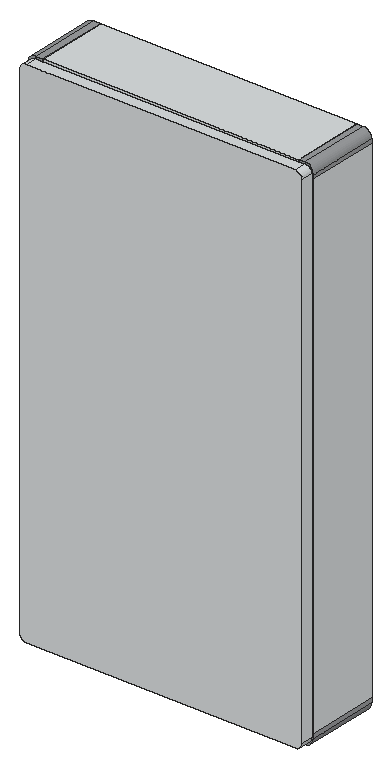
Revit family "Legrand Cabinet XL³ 160 Metal", category Equipement électrique, Revit 2020
Family settings
  Configuration du panneau = Deux colonnes, circuits au sein
  Cote de connecteur circulaire = Utiliser le diamètre
  Type d'élément = Tableau de raccordement
  Numéro OmniClass = 23.80.30.11.17
  Titre OmniClass = Distribution Boards and Control Panels
  Basée sur le plan de construction = Non
  Toujours verticalement = Oui
  Couper avec des vides une fois chargée = Non
  Partagée = Non
  Point de calcul de pièce = Non
Parameters (values of type "020006-020276")
  built-in parameter 1140140 [instance] = 1 (stored number, unit not read)
  depth installation zone = 720 mm
  Material corner = "Plastic"  # constant formula
  Material = "Steel"  # constant formula
  width installation zone = 1245 mm
  height installation zone = [height (mm)]  # 1050 mm
  installation zone [instance] = yes
  URL = "https://www.legrand.fr/"
  depth (mm) = 170 mm
  Modèle = "XL³ 160 Metal"
  width (mm) = 575 mm
  IPK (kA) = "35"
  IN max (A) = "160"
  ICW (until) (kA) = "0"
  IP without door = "30"
  IP with door = "43"
  IK without door = "07"
  IK with door = "08"
  height (mm) = 1050 mm
  Finish = "Epoxipolyester paint deposited by electrostatic powder"
  General Conditions of Use = "https://export.legrand.com/en/terms-of-use-BIM-objects"
  Fabricant = "Legrand"  # constant formula
  RAL = "7035"
  Elévation par défaut = 0 mm
  built-in parameter 1140142 [instance] = -1
  built-in parameter 1155100 [instance] = -1
Types (6, lengths in mm): name | height installation zone | height (mm)
  (no name) | 450 | 450
  020003-020273 | 600 | 600
  020002-020272 | 450 | 450
  020004-020274 | 750 | 750
  020005-020275 | 900 | 900
  020006-020276 | 1050 | 1050
Reference planes
  plane 1 "Centre (avant/arrière)": y = 0
  plane 2: z = 0
  plane 3 "Centre (gauche/droite)": x = 0
  plane 4: y = 85
  plane 5: y = -85
  plane 6: x = -287.5
  plane 7: x = 287.5
  plane 8: z = 1050
  plane 9: z = 525
  plane 10: x = -257.5
  plane 11: z = 1025
  plane 12: z = 1033.5
  plane 13: x = -271
  plane 14: z = 1045
  plane 15: z = 5
  plane 16: x = 282.5
  plane 17: x = -282.5
  plane 18: y = 84
  plane 19: y = -61
  plane 20: z = 1046
  plane 21: x = 283.5
  plane 22: z = 4
  plane 23: x = -283.5
  plane 24: x = 257.5
  plane 25: x = -262.5
Forms (mm)
  Extrusion 1, solid, material "IDS_PLASTIQUE"
    sketch origin (0, 0, 0) x (1, 0, 0) y (0, 0, 1)
      loop
        line (-287.5, 1025) -> (-257.5, 1025) -> (-257.5, 1050) -> (-271, 1050)
        arc (-271, 1050) -> (-282.667, 1045.167) -> (-287.5, 1033.5) r 16.5
        line (-287.5, 1033.5) -> (-287.5, 1025)
      loop
        line (287.5, 1025) -> (287.5, 1033.5)
        arc (287.5, 1033.5) -> (282.667, 1045.167) -> (271, 1050) r 16.5
        line (271, 1050) -> (257.5, 1050) -> (257.5, 1025) -> (287.5, 1025)
      loop
        line (-287.5, 25) -> (-287.5, 16.5)
        arc (-287.5, 16.5) -> (-282.667, 4.833) -> (-271, 0) r 16.5
        line (-271, 0) -> (-257.5, 0) -> (-257.5, 25) -> (-287.5, 25)
      loop
        line (287.5, 25) -> (257.5, 25) -> (257.5, 0) -> (271, 0)
        arc (271, 0) -> (282.667, 4.833) -> (287.5, 16.5) r 16.5
        line (287.5, 16.5) -> (287.5, 25)
    from -85 to 61
  Extrusion 2, solid, material "IDS_ACIER"
    sketch origin (0, 0, 0) x (1, 0, 0) y (0, 0, 1)
      loop
        line (-257.5, 1050) -> (-257.5, 1025) -> (257.5, 1025) -> (257.5, 1050) -> (-257.5, 1050)
      loop
        line (-257.5, 0) -> (257.5, 0) -> (257.5, 25) -> (-257.5, 25) -> (-257.5, 0)
    from -85 to 61
  Extrusion 3, solid, material "IDS_ACIER"
    sketch origin (0, 0, 0) x (1, 0, 0) y (0, 0, 1)
      loop
        line (-287.5, 1025) -> (-287.5, 25) -> (-257.5, 25) -> (-257.5, 1025) -> (-287.5, 1025)
      loop
        line (287.5, 1025) -> (257.5, 1025) -> (257.5, 25) -> (287.5, 25) -> (287.5, 1025)
    from -85 to 61
  Extrusion 4, solid, material "IDS_ACIER"
    sketch origin (0, 0, 0) x (1, 0, 0) y (0, 0, 1)
      loop
        line (-282.5, 1045) -> (-282.5, 5) -> (282.5, 5) -> (282.5, 1045) -> (-282.5, 1045)
    from -85 to -84
  Extrusion 5, solid, material "IDS_ACIER"
    sketch origin (0, 0, 0) x (1, 0, 0) y (0, 0, 1)
      loop
        line (-283.5, 1033.5) -> (-283.5, 16.5)
        arc (-283.5, 16.5) -> (-279.839, 7.661) -> (-271, 4) r 12.5
        line (-271, 4) -> (271, 4)
        arc (271, 4) -> (279.839, 7.661) -> (283.5, 16.5) r 12.5
        line (283.5, 16.5) -> (283.5, 1033.5)
        arc (283.5, 1033.5) -> (279.839, 1042.339) -> (271, 1046) r 12.5
        line (271, 1046) -> (-271, 1046)
        arc (-271, 1046) -> (-279.839, 1042.339) -> (-283.5, 1033.5) r 12.5
    from 61 to 85
Cuts and joins
  joined: Extrusion 2, Extrusion 3, Extrusion 4
Dimensions and locks
  equal spacing: plane 6, plane 3 "Centre (gauche/droite)", plane 7
  equal spacing: plane 4, plane 1 "Centre (avant/arrière)", plane 5
  "width (mm)": plane 6 to plane 7
  "depth (mm)": plane 4 to plane 5
  "height (mm)": plane 8 to plane 2
  equal spacing: plane 8, plane 9, plane 2
  locked: plane 10 to plane 6 at 30
  locked: plane 8 to plane 11 at 25
  locked: plane 13 to plane 6 at 16.5
  locked: plane 8 to plane 12 at 16.5
  locked: plane 8 to plane 14 at 5
  locked: plane 15 to plane 2 at 5
  locked: plane 17 to plane 6 at 5
  locked: plane 7 to plane 16 at 5
  locked: plane 18 to plane 4 at 1
  locked: plane 5 to plane 19 at 24
  locked: plane 7 to plane 21 at 4
  locked: plane 22 to plane 2 at 4
  equal spacing: plane 20, plane 9, plane 22
  equal spacing: plane 21, plane 3 "Centre (gauche/droite)", plane 23
  locked: plane 7 to plane 24 at 30
  locked: plane 25 to plane 6 at 25
  aligned and locked: level to plane 2
  aligned and locked: plane 11 to Extrusion 1 sketch curve
  aligned and locked: Extrusion 1 sketch curve to plane 10
  aligned and locked: plane 6 to Extrusion 1 sketch curve
  aligned and locked: plane 4 to Extrusion 1
  aligned and locked: Extrusion 2 sketch curve to plane 8
  aligned and locked: Extrusion 2 sketch curve to Extrusion 1  (x3)
  aligned and locked: plane 4 to Extrusion 2
  aligned and locked: plane 6 to Extrusion 3 sketch curve
  aligned and locked: Extrusion 3 sketch curve to Extrusion 1  (x3)
  aligned and locked: plane 4 to Extrusion 3
  aligned and locked: Extrusion 4 sketch curve to plane 14
  aligned and locked: plane 17 to Extrusion 4 sketch curve
  aligned and locked: plane 15 to Extrusion 4 sketch curve
  aligned and locked: Extrusion 4 sketch curve to plane 16
  aligned and locked: plane 4 to Extrusion 4
  aligned and locked: Extrusion 1 to plane 19
  aligned and locked: Extrusion 1 to Extrusion 3
  aligned and locked: Extrusion 2 to Extrusion 1
  aligned and locked: Extrusion 5 sketch curve to plane 20
  aligned and locked: plane 23 to Extrusion 5 sketch curve
  aligned and locked: plane 22 to Extrusion 5 sketch curve
  aligned and locked: Extrusion 5 sketch curve to plane 21
  aligned and locked: plane 19 to Extrusion 5
  aligned and locked: plane 5 to Extrusion 5
  aligned and locked: cut or joined group of Extrusion 2, Extrusion 3, Extrusion 4 to plane 18
Automatic sketch dimensions
  Extrusion 1 sketch curve to plane 6 = 0 mm
  Extrusion 1 sketch curve to plane 8 = 0 mm  (x2)
  Extrusion 1 sketch curve to plane 13 = 0 mm
  plane 13 to Extrusion 1 sketch curve = 0 mm
  Extrusion 1 sketch curve to plane 10 = 0 mm
  Extrusion 1 sketch curve to level = 0 mm  (x2)
  Extrusion 1 sketch curve to plane 11 = 0 mm
  Extrusion 1 sketch curve to plane 12 = 0 mm
  Extrusion 1 sketch curve to plane 7 = 0 mm  (x2)
  Extrusion 1 sketch curve to Extrusion 1 sketch curve = 13.5 mm  (x2)
  Extrusion 1 sketch curve to plane 7 = 30 mm
  Extrusion 1 sketch curve to Extrusion 1 sketch curve = 8.5 mm  (x2)
  Extrusion 2 sketch curve to level = 0 mm
  plane 6 to Extrusion 2 sketch curve = 30 mm
  Extrusion 2 sketch curve to plane 7 = 30 mm
  level to Extrusion 2 sketch curve = 25 mm
  Extrusion 3 sketch curve to plane 7 = 0 mm
  Extrusion 3 sketch curve to plane 7 = 30 mm
  level to Extrusion 3 sketch curve = 25 mm
  Extrusion 3 sketch curve to plane 8 = 25 mm
  plane 6 to Extrusion 5 sketch curve = 16.5 mm
  Extrusion 5 sketch curve to Extrusion 5 sketch curve = 12.5 mm
  Extrusion 5 sketch curve to plane 7 = 16.5 mm  (x2)
Connectors
  electrical at (0, 85, 525)
    settings: on cut or joined group of Extrusion 2, Extrusion 3, Extrusion 4, index 1, voltage 0 V, apparent load 0 VA, apparent load phase1 0 VA, apparent load phase2 0 VA, apparent load phase3 0 VA, power factor 1, load classification "Autre", number of poles 1, system type 31, power factor state 1, is connector primary yes, connector utility no, sub classification motor no, connector description ""
